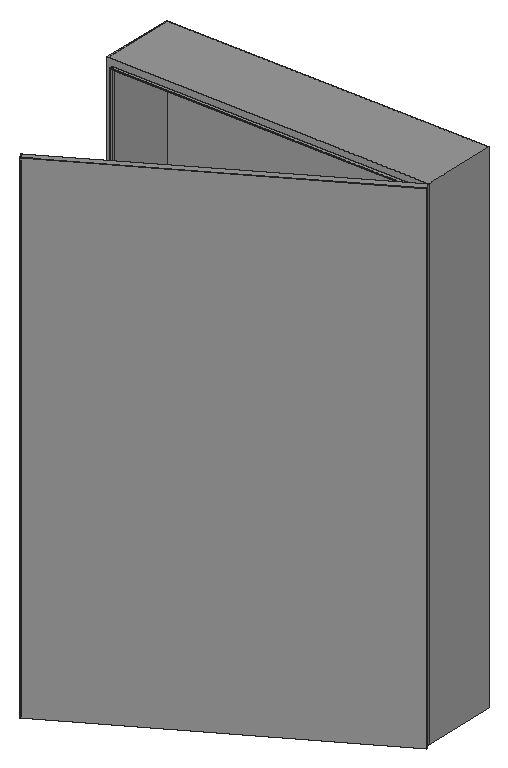
Revit family "Hager-Univers-IP44-D205-H1250-Cl.I-Encl-NoHosted-CH-fr", category Electrical Equipment, Revit 2020
Family settings
  Panel Configuration = Two Columns, Circuits Across
  Round Connector Dimension = Use Diameter
  Part Type = Panelboard
  Work Plane-Based = Yes
  Always vertical = Yes
  Cut with Voids When Loaded = No
  Shared = No
  Room Calculation Point = No
Parameters (values of type "saillie IP44 L800 H1250 P205  - FP83TN2")
  Width Control [instance] = if([EF000008 - largeur] > Min Width, [EF000008 - largeur], Min Width)  # 800 mm
  Type Comments = [HG000003 - Gamme]  # "Univers"
  Thickness Door [instance] = if([EF009171 - épaisseur de matériau de la porte/du couvercle] > 3 mm, 3 mm, [EF009171 - épaisseur de matériau de la porte/du couvercle])  # 1 mm
  Seal Frame Offset [instance] = 17 mm  # constant formula
  Plinth Visibility [instance] = [HG000027 - Hauteur du socle] > 0 mm  # no
  Min Width [instance] = 100 mm  # constant formula
  Min Depth [instance] = (2 * [EF009170 - épaisseur de matériau du boîtier]) + 1 mm  # 3 mm
  Min Height [instance] = 100 mm  # constant formula
  Internal Frame Depth [instance] = (Door System Depth * 0.5)  # 9 mm
  Panel Name [instance] = ""  # (empty or 0)
  Model = ""
  HG000027 - Hauteur du socle = 0 mm
  HG000026 - Installation au sol = no
  HG000024 - Hauteur de la section basse = 600 mm
  HG000023 - Armoire double section = no
  HG000016 - Visibilité de la porte 3D [instance] = yes
  HG000015 - Visibilité de l'emprise de la porte [instance] = no
  HG000014 - Porte à droite [instance] = yes
  HG000013 - Porte à gauche [instance] = not([HG000014 - Porte à droite])  # no
  HG000012 - Angle de pivotement de la porte [instance] = 30.00°
  HG000010 - Portes asymétriques = no
  HG000009 - Porte à double battant = no
  HG000006 - Encastré = no
  HG000004 - Référence fabricant = "FP83TN2"
  HG000003 - Gamme = "Univers"
  HG000002 - avec porte = yes
  Frame Offset Bottom [instance] = 10 mm  # constant formula
  Frame Offset [instance] = 15 mm  # constant formula
  EF015940 - couvercle avec décharge de pression = no
  EF011959 - degré de protection (NEMA) = ""
  EF009554 - nombre d'ouvertures pour plaques à bride = 6
  EF009212 - finition du couvercle = "EV000116 - fermé"
  EF009171 - épaisseur de matériau de la porte/du couvercle = 1 mm
  EF009170 - épaisseur de matériau du boîtier = 1 mm
  EF008873 - courant nominal (In) = 250 A
  EF007800 - adapté à un parafoudre = no
  EF006306 - avec serrure = no
  EF006244 - couvercle/porte transparent(e) = no
  EF005474 - indice de protection (IP) = "EV006418 - IP44"
  EF004464 - type de porte = "EV002646 - unique"
  EF004427 - nombre de modules = 288
  EF004293 - indice de protection contre les chocs (IK) = "EV006815 - IK09"
  EF003532 - convient pour utilisation à l’extérieur = no
  EF002950 - largeur en nombre de modules = 36
  EF001613 - maintien de fonction = "EV000494 - sans"
  EF001596 - matériau du boîtier/corps = "EV000179 - acier"
  EF001131 - profondeur intérieure = 130 mm
  EF001088 - possibilité de montage en saillie = yes
  EF000437 - nombre d'entrées de conduit = 6
  EF000339 - type de capot = "EV001012 - couvercle"
  EF000266 - nombre de rangées = 8
  EF000218 - profondeur d'encastrement = 205 mm
  EF000118 - avec cadre/support de montage = no
  EF000116 - numéro RAL = "9010"
  EF000049 - profondeur = 205 mm
  EF000040 - hauteur = 1250 mm
  EF000008 - largeur = 800 mm
  EF000007 - couleur = "EV000202 - blanc"
  EF000003 - mode de pose = "EV000384 - saillie"
  Door System Leaf Tolerance [instance] = 1.5 mm  # constant formula
  Door System Depth [instance] = 18 mm  # constant formula
  Door Height [instance] = Height Control - [HG000027 - Hauteur du socle]  # 1250 mm
  Description = ""
  Default Elevation = 1219.2 mm
  Connector Offset [instance] = Height Control / 2  # 625 mm
  Manufacturer = "Hager"  # constant formula
  Height Control [instance] = if([EF000040 - hauteur] > Min Height, [EF000040 - hauteur], Min Height)  # 1250 mm
  Depth Control [instance] = if([EF000049 - profondeur] > Min Depth, [EF000049 - profondeur], Min Depth)  # 205 mm
  Bottom Top Plate Trim [instance] = 1.5 mm  # constant formula
  Plinth height Ctrl [instance] = if([HG000027 - Hauteur du socle] > 0 mm, [HG000027 - Hauteur du socle], 12 mm)  # 12 mm
Types (10, lengths in mm): name | Width Control | HG000010 - Portes asymétriques | HG000009 - Porte à double battant | HG000004 - Référence fabricant | EF009554 - nombre d'ouvertures pour plaques à bride | EF004464 - type de porte | EF004427 - nombre de modules | EF002950 - largeur en nombre de modules | EF000437 - nombre d'entrées de conduit | EF000218 - profondeur d'encastrement | EF000008 - largeur
  saillie IP44 L1050 H1250 P205  - FP84QT | 1050 | no | no | "FP84QT" | 8 | "EV003602 - double" | 384 | 48 | 8 | 0 | 1050
  saillie IP44 L1050 H1250 P205  - FP84TN2 | 1050 | no | yes | "FP84TN2" | 8 | "EV003602 - double" | 384 | 48 | 8 | 205 | 1050
  saillie IP44 L1300 H1250 P205  - FP85QT | 1300 | no | no | "FP85QT" | 10 | "EV003602 - double" | 480 | 60 | 10 | 0 | 1300
  saillie IP44 L1300 H1250 P205  - FP85TN2 | 1300 | yes | yes | "FP85TN2" | 10 | "EV003602 - double" | 480 | 60 | 10 | 205 | 1300
  saillie IP44 L300 H1250 P205  - FP81QT | 300 | no | no | "FP81QT" | 2 | "EV002646 - unique" | 96 | 12 | 2 | 0 | 300
  saillie IP44 L300 H1250 P205  - FP81TN2 | 300 | no | no | "FP81TN2" | 2 | "EV002646 - unique" | 96 | 12 | 2 | 205 | 300
  saillie IP44 L550 H1250 P205  - FP82QT | 550 | no | no | "FP82QT" | 4 | "EV002646 - unique" | 192 | 24 | 4 | 0 | 550
  saillie IP44 L550 H1250 P205  - FP82TN2 | 550 | no | no | "FP82TN2" | 4 | "EV002646 - unique" | 192 | 24 | 4 | 205 | 550
  saillie IP44 L800 H1250 P205  - FP83QT | 800 | no | no | "FP83QT" | 6 | "EV002646 - unique" | 288 | 36 | 6 | 0 | 800
  saillie IP44 L800 H1250 P205  - FP83TN2 | 800 | no | no | "FP83TN2" | 6 | "EV002646 - unique" | 288 | 36 | 6 | 205 | 800
Reference planes
  plane 1 "Center (Front/Back)": y = 0
  plane 2: z = 0
  plane 3 "Center (Left/Right)": x = 0
  plane 4: y = 0
  plane 5: y = 0
  plane 6: z = 0
  plane 7: x = -400
  plane 8: x = 400
  plane 9: x = 399
  plane 10: x = -399
  plane 11: z = 0
  plane 12: z = 1
  plane 13: y = -205
  plane 14: y = -1
  plane 15: x = 0
  plane 16: y = -187
  plane 17: y = -204
  plane 18: y = -186
  plane 19: x = -384
  plane 20: x = 384
  plane 21: z = 11
  plane 22: x = -383
  plane 23: x = 383
  plane 24: z = 0
  plane 25: z = 1250
  plane 26: z = 1250
  plane 27: z = 1234
  plane 28: z = 1249
Forms (mm)
  Extrusion 1, solid, material "Hager_Steel_RAL7035_Light_Grey", detail levels medium+fine
    sketch origin (-208.679, -4572, 0) x (-1, 0, 0) y (0, -1, 0)
      loop
        line (191.321, -4385) -> (-608.679, -4385) -> (-608.679, -4572) -> (191.321, -4572) -> (191.321, -4385)
    from 0 to 1250
  Extrusion 2, void
    sketch origin (-350.771, -205, 1219.2) x (1, 0, 0) y (0, 0, 1)
      loop
        line (-48.229, 29.8) -> (-48.229, -1218.2) -> (749.771, -1218.2) -> (749.771, 29.8) -> (-48.229, 29.8)
    from -19 to -204
  Extrusion 3, void
    sketch origin (-290.084, -187, 1219.2) x (1, 0, 0) y (0, 0, 1)
      loop
        line (-93.916, -1208.2) -> (674.084, -1208.2) -> (674.084, 14.8) -> (-93.916, 14.8) -> (-93.916, -1208.2)
    from 0 to -1
  Extrusion 4, solid, material "Hager_Steel_RAL7035_Light_Grey", visible <- "Plinth Visibility", detail levels medium+fine
    sketch origin (0, 0, 0) x (1, 0, 0) y (0, 1, 0)
      loop
        line (-400, 0) -> (-400, -187) -> (400, -187) -> (400, 0) -> (-400, 0)
    from 0 to 12 <- "Plinth height Ctrl"
  Extrusion 5, solid, material "Hager_Steel_RAL7035_Light_Grey", detail levels coarse
    sketch origin (0, 0, 0) x (1, 0, 0) y (0, 1, 0)
      loop
        line (-400, 0) -> (-400, -205) -> (400, -205) -> (400, 0) -> (-400, 0)
    from 0 to 1250 <- "Height Control"
  Sweep 6, void
    path in 3D
      loop
        line (-400, -187, 12) -> (400, -187, 12) -> (400, 0, 12) -> (-400, 0, 12) -> (-400, -187, 12)
    profile origin (-400, -93.5, 12) x (1, 0, 0) y (0, 0, 1)
      loop
        line (0, 0) -> (0, -1.5) -> (1.5, -1.5)
        arc (1.5, -1.5) -> (1.061, -0.439) -> (0, 0) r 1.5
  Extrusion 7, solid, material "Hager_Steel_RAL7035_Light_Grey", detail levels fine
    sketch origin (-400, -187, 0) x (1, 0, 0) y (0, 0, 1)
      loop
        line (16, 11) -> (784, 11) -> (784, 1234) -> (16, 1234) -> (16, 11)
      loop
        line (15, 10) -> (785, 10) -> (785, 1235) -> (15, 1235) -> (15, 10)
    from 0 to 9 <- "Internal Frame Depth"
Cuts and joins
  Extrusion 2, Extrusion 3 cuts Extrusion 1
  Sweep 6 cuts Extrusion 4
Lines and regions (mm)
  Masking region 1
    outline origin (0, 0, 0) x (1, 0, 0) y (0, 1, 0)
      loop
        line (-400, 0) -> (-400, -205) -> (400, -205) -> (400, 0) -> (-400, 0)
  Masking region 2, detail levels coarse
    outline origin (-290.084, -187, 1219.2) x (-1, 0, 0) y (0, 0, 1)
      loop
        line (-690.084, -1219.2) -> (109.916, -1219.2) -> (109.916, 30.8) -> (-690.084, 30.8) -> (-690.084, -1219.2)
  Masking region 3, detail levels coarse
    outline origin (0, 0, 0) x (0, 1, 0) y (0, 0, 1)
      loop
        line (0, 0) -> (0, 1250) -> (-205, 1250) -> (-205, 0) -> (0, 0)
  Masking region 4, visible <- "Plinth Visibility", detail levels medium+fine
    outline origin (0, 0, 0) x (0, 1, 0) y (0, 0, 1)
      loop
        line (-1.5, 12) -> (-185.5, 12)
        arc (-185.5, 12) -> (-185.939, 10.939) -> (-187, 10.5) r 1.5
        line (-187, 10.5) -> (-187, 0) -> (0, 0) -> (0, 10.5)
        arc (0, 10.5) -> (-1.061, 10.939) -> (-1.5, 12) r 1.5
  Masking region 5, detail levels medium+fine
    outline origin (0, 0, 594.038) x (0, 1, 0) y (0, 0, 1)
      loop
        line (0, -594.038) -> (0, 655.962) -> (-187, 655.962) -> (-187, -594.038) -> (0, -594.038)
  Masking region 6, detail levels medium+fine
    outline origin (-359.7, -187, 1211.883) x (-1, 0, 0) y (0, 0, 1)
      loop
        line (-759.7, -1211.883) -> (40.3, -1211.883) -> (40.3, 38.117) -> (-759.7, 38.117) -> (-759.7, -1211.883)
  Masking region 7, visible <- "Plinth Visibility", detail levels medium+fine
    outline origin (-320.334, -187, 1041.368) x (-1, 0, 0) y (0, 0, 1)
      loop
        line (-720.334, -1041.368) -> (79.666, -1041.368) -> (79.666, -1030.868)
        arc (79.666, -1030.868) -> (78.606, -1030.429) -> (78.166, -1029.368) r 1.5
        line (78.166, -1029.368) -> (-718.834, -1029.368)
        arc (-718.834, -1029.368) -> (-719.273, -1030.429) -> (-720.334, -1030.868) r 1.5
        line (-720.334, -1030.868) -> (-720.334, -1041.368)
  sketch lines
    curve 1: line (-400, 0, 12) -> (-400, -187, 12)
    curve 2: line (-400, -187, 12) -> (400, -187, 12)
    curve 3: line (400, 0, 12) -> (-400, 0, 12)
    curve 4: line (400, -187, 12) -> (400, 0, 12)
Dimensions and locks
  locked: plane 1 "Center (Front/Back)" to plane 5
  "EF009170 - épaisseur de matériau du boîtier": plane 7 to plane 10
  "EF009170 - épaisseur de matériau du boîtier": plane 8 to plane 9
  equal spacing: plane 7, plane 3 "Center (Left/Right)", plane 8
  "Width Control": plane 7 to plane 8
  "Depth Control": plane 4 to plane 13
  "EF009170 - épaisseur de matériau du boîtier": plane 4 to plane 14
  "Height Control": plane 25 to level
  "HG000027 - Hauteur du socle": plane 11 to level
  "EF009170 - épaisseur de matériau du boîtier": plane 12 to plane 11
  "EF009170 - épaisseur de matériau du boîtier": plane 17 to plane 13
  "EF009170 - épaisseur de matériau du boîtier": plane 18 to plane 16
  "Frame Offset Bottom": plane 21 to plane 12
  "Frame Offset": plane 10 to plane 19
  "Frame Offset": plane 9 to plane 20
  "Door System Depth": plane 16 to plane 13
  "Seal Frame Offset": plane 7 to plane 22
  "Seal Frame Offset": plane 8 to plane 23
  "EF009170 - épaisseur de matériau du boîtier": plane 26 to plane 28
  "Frame Offset": plane 28 to plane 27
  "Connector Offset": plane 2 to connector elem
  "Bottom Top Plate Trim": profile plane to Sweep 6 sketch curve
  "Bottom Top Plate Trim": Sweep 6 sketch curve to Sweep 6 sketch curve
  "Plinth height Ctrl": Masking region 4 sketch curve to level
  "Plinth height Ctrl": Masking region 7 sketch curve to level
  "Thickness Door": Extrusion 7 sketch curve to Extrusion 7 sketch curve  (x4)
  "Bottom Top Plate Trim": radius of Sweep 6 sketch curve
  "Bottom Top Plate Trim": radius of Masking region 4 sketch curve  (x2)
  "Bottom Top Plate Trim": radius of Masking region 7 sketch curve  (x2)
  aligned and locked: Extrusion 2 sketch curve to plane 12
  aligned and locked: Extrusion 2 sketch curve to plane 9
  aligned and locked: Extrusion 2 sketch curve to plane 10
  aligned and locked: Extrusion 2 to plane 14
  aligned and locked: Extrusion 1 sketch curve to plane 4
  aligned and locked: plane 8 to Extrusion 1 sketch curve
  aligned and locked: plane 7 to Extrusion 1 sketch curve
  aligned and locked: Extrusion 2 to plane 18
  aligned and locked: Extrusion 3 sketch curve to plane 19
  aligned and locked: plane 20 to Extrusion 3 sketch curve
  aligned and locked: Extrusion 3 to Extrusion 2
  aligned and locked: Extrusion 3 sketch curve to plane 21
  aligned and locked: plane 3 "Center (Left/Right)" to nested 1
  aligned and locked: Extrusion 1 sketch curve to plane 16
  aligned and locked: Extrusion 4 sketch curve to cut or joined group of Extrusion 1, Extrusion 2, Extrusion 3
  aligned and locked: Masking region 1 sketch curve to plane 7
  aligned and locked: Masking region 1 sketch curve to plane 5
  aligned and locked: Masking region 1 sketch curve to plane 8
  aligned and locked: Masking region 2 sketch curve to level
  aligned and locked: level to Masking region 3 sketch curve
  aligned and locked: plane 1 "Center (Front/Back)" to Masking region 3 sketch curve
  aligned and locked: plane 13 to Masking region 3 sketch curve
  aligned and locked: plane 5 to Masking region 4 sketch curve
  aligned and locked: Masking region 2 sketch curve to plane 8
  aligned and locked: Masking region 2 sketch curve to plane 7
  aligned and locked: plane 7 to nested 2
  aligned and locked: nested 2 to plane 5
  aligned and locked: plane 5 to Masking region 5 sketch curve
  aligned and locked: plane 26 to Masking region 5 sketch curve
  aligned and locked: Extrusion 5 sketch curve to plane 8
  aligned and locked: Extrusion 5 sketch curve to plane 7
  aligned and locked: Extrusion 5 sketch curve to plane 5
  aligned and locked: Extrusion 3 sketch curve to plane 27
  aligned and locked: Extrusion 2 sketch curve to plane 28
  aligned and locked: Masking region 2 to plane 25
  aligned and locked: Extrusion 4 to plane 16
  aligned and locked: profile plane to Sweep 6 sketch curve
  aligned and locked: Masking region 5 sketch curve to plane 24
  aligned and locked: level to Masking region 4 sketch curve
  aligned and locked: Masking region 1 to plane 13
  aligned and locked: nested 1 to plane 16
  aligned and locked: Masking region 3 to plane 25
  aligned and locked: plane 16 to Masking region 4 sketch curve
  aligned and locked: Masking region 5 sketch curve to plane 16
  aligned and locked: plane 24 to plane 11
  aligned and locked: plane 26 to plane 25
  aligned and locked: plane 26 to cut or joined group of Extrusion 1, Extrusion 2, Extrusion 3
  aligned and locked: nested 1 to plane 24
  aligned and locked: Extrusion 1 to Extrusion 3
  aligned and locked: Masking region 6 sketch curve to plane 8
  aligned and locked: Masking region 6 sketch curve to plane 24
  aligned and locked: Masking region 6 sketch curve to plane 7
  aligned and locked: Masking region 6 sketch curve to plane 26
  aligned and locked: Masking region 7 sketch curve to plane 7
  aligned and locked: level to Masking region 7 sketch curve
  aligned and locked: Masking region 7 sketch curve to plane 8
  aligned and locked: Extrusion 7 sketch curve to cut or joined group of Extrusion 1, Extrusion 2, Extrusion 3  (x4)
Automatic sketch dimensions
  plane 19 to Extrusion 3 sketch curve = 0 mm
  Extrusion 3 sketch curve to plane 20 = 0 mm
  Extrusion 3 sketch curve to plane 21 = 0 mm
  Extrusion 4 sketch curve to plane 7 = 0 mm
  Extrusion 4 sketch curve to plane 8 = 0 mm
  Extrusion 4 sketch curve to plane 16 = 0 mm
  Masking region 1 sketch curve to plane 13 = 0 mm
  Masking region 2 sketch curve to plane 25 = 0 mm
  Masking region 3 sketch curve to plane 25 = 0 mm
  Extrusion 5 sketch curve to plane 13 = 0 mm
  profile plane to Sweep 6 sketch curve = 0 mm
Nested families
  nested 1: "EC000058_Univers_Door" at (0, -187, 0), Double <- "HG000009 - Porte à double battant", Transparent <- "EF006244 - couvercle/porte transparent(e)", Angle <- "HG000012 - Angle de pivotement de la porte", Door_Right <- "HG000014 - Porte à droite", Assymetrical <- "HG000010 - Portes asymétriques", Door <- "HG000002 - avec porte", Width_Ctrl <- "Width Control", 3d_Door <- "HG000016 - Visibilité de la porte 3D", Clearance <- "HG000015 - Visibilité de l'emprise de la porte", Door_Left <- "HG000013 - Porte à gauche", Width <- "Width Control", Door_Depth <- "Door System Depth", Leaf_Tolerance <- "Door System Leaf Tolerance", Height <- "Door Height", Lock_Visibility <- "EF006306 - avec serrure", Thickness <- "Thickness Door", type "EC000058_Univers_Door", detail levels medium+fine
    with min_wh 3 mm, Width_Ctrl 800 mm, Width 800 mm, Transparent no, Thickness 1 mm, Seal_Material Hager_Rubber, Lock_Visibility no, Lock_Material Hager_Plastic_RAL9005_Jet_Black, Leaf_Width 800 mm, Leaf_Tolerance_External_Sides 0 mm, Leaf_Tolerance 1.5 mm, Leaf_Offset 0 mm, Leaf_Height 1247 mm, Leaf_2_Width 800 mm, Leaf_2_Offset 400 mm, Leaf_1_Width 800 mm, Leaf_1_Offset 400 mm, Height_Ctrl 1250 mm, Height 1250 mm, Glass_Material Hager_Glass, Double_Clearance_Ctrl no, Double no, Door_Right_Ctrl yes, Door_Right yes, Door_Material Hager_Steel_RAL7035_Light_Grey, Door_Left_Ctrl no, Door_Left no, Door_Depth 18 mm, Door yes, Clearance_Material Hager_Clearance, Clearance_Depth 800 mm, Clearance_Ctrl no, Clearance no, Assymetrical no, Angle 30.00°, 3d_Door yes
  nested 2: "Hager_Enclosure_Symbol" at (-400, 0, 0), Height <- "Depth Control", Width <- "Width Control", type "Hager_Enclosure_Symbol"
    with Width_Ctrl 800 mm, Width 800 mm, Height_Ctrl 205 mm, Height 205 mm, A_Width_Int 13.453 mm, A_Width 161.438 mm, A_Height_Ctrl 179.375 mm, A_Height 179.375 mm
Connectors
  electrical at (0, 0, 625)
    settings: on plane 1 "Center (Front/Back)", index 1, voltage 0 V, apparent load 0 VA, apparent load phase1 0 VA, apparent load phase2 0 VA, apparent load phase3 0 VA, power factor 1, load classification "Other", number of poles 1, system type 30, power factor state 1, is connector primary yes, connector utility no, sub classification motor no, connector description ""
Definition of nested family "EC000058_Univers_Door"
  Parameters (values of type "EC000058_Univers_Door")
    min_wh [instance] = (2 * Thickness) + 1 mm  # 11 mm
    Width_Ctrl [instance] = 400 mm
    Width [instance] = 500 mm
    Transparent [instance] = yes
    Thickness [instance] = 5 mm
    Seal_Material [instance] = none
    Lock_Visibility [instance] = yes
    Lock_Material [instance] = none
    Leaf_Width [instance] = if((Width_Ctrl - 2 * Leaf_Tolerance_External_Sides) > 0 mm, (Width_Ctrl - 2 * Leaf_Tolerance_External_Sides), min_wh)  # 400 mm
    Leaf_Tolerance_External_Sides [instance] = 0 mm  # constant formula
    Leaf_Tolerance [instance] = 1.5 mm
    Leaf_Offset [instance] = 0 mm  # constant formula
    Leaf_Height [instance] = if((Height_Ctrl - 2 * Leaf_Tolerance) > 0 mm, (Height_Ctrl - 2 * Leaf_Tolerance), min_wh)  # 497 mm
    Leaf_2_Width [instance] = if(and(and(Double, Assymetrical), Door_Left), (Leaf_Width / 3) - (Leaf_Tolerance / 2), if(and(and(Double, Assymetrical), Door_Right), (Leaf_Width / 3) * 2 - (Leaf_Tolerance / 2), if(and(Double, not(Assymetrical)), (Leaf_Width / 2) - Leaf_Tolerance, Leaf_Width)))  # 400 mm
    Leaf_2_Offset [instance] = if(and(Double, Assymetrical), Leaf_2_Width / 2, if(and(Double, not(Assymetrical)), Leaf_Width / 4, Leaf_Width / 2))  # 200 mm
    Leaf_1_Width [instance] = if(and(and(Double, Assymetrical), Door_Right), (Leaf_Width / 3) - (Leaf_Tolerance / 2), if(and(and(Double, Assymetrical), Door_Left), (Width / 3) * 2 - (Leaf_Tolerance / 2), if(and(Double, not(Assymetrical)), (Leaf_Width / 2) - Leaf_Tolerance, Leaf_Width)))  # 400 mm
    Leaf_1_Offset [instance] = if(and(Double, Assymetrical), Leaf_1_Width / 2, if(and(Double, not(Assymetrical)), Leaf_Width / 4, Leaf_Width / 2))  # 200 mm
    Height_Ctrl [instance] = if(Height > min_wh, Height, min_wh)  # 500 mm
    Height [instance] = 500 mm
    Glass_Material [instance] = none
    Double_Clearance_Ctrl [instance] = and(Double, Clearance)  # no
    Double [instance] = no
    Door_Right_Ctrl [instance] = and(or(Door_Right, Double), Door)  # yes
    Door_Right [instance] = yes
    Door_Material [instance] = none
    Door_Left_Ctrl [instance] = and(or(Door_Left, Double), Door)  # no
    Door_Left [instance] = no
    Door_Depth [instance] = 30 mm
    Door [instance] = yes
    Default Elevation = 1219.2 mm
    Clearance_Material [instance] = none
    Clearance_Depth [instance] = if(Leaf_1_Width > Leaf_2_Width, Leaf_1_Width, Leaf_2_Width)  # 400 mm
    Clearance_Ctrl [instance] = and(not(Double), Clearance)  # yes
    Clearance [instance] = yes
    Assymetrical [instance] = yes
    Angle [instance] = 30.00°
    3d_Door [instance] = yes
  Reference planes
    plane 1 "Center (Front/Back)": y = 0
    plane 2 "Bottom": z = 0
    plane 3 "Center (Left/Right)": x = 0
    plane 4: z = 500
    plane 5: x = -200
    plane 6: x = 200
    plane 7: z = 500
    plane 8: x = -200
    plane 9: z = 0
    plane 10: x = 200
    plane 11: y = 0
    plane 12: z = 1.5
    plane 13: x = -600
    plane 14: y = -400
    plane 15: x = 600
    plane 16: x = 0
    plane 17: x = 0
    plane 18: x = -200
    plane 19: x = 200
    plane 20: z = 498.5
  Forms (mm)
    Extrusion 1, solid, material <- "Clearance_Material", visible <- "Double_Clearance_Ctrl"
      sketch origin (1200, 0, 0) x (1, 0, 0) y (0, 0, -1)
        loop
          line (-1800, -498.5) -> (-600, -498.5) -> (-600, 0) -> (-1800, 0) -> (-1800, -498.5)
      from 0 to -400
  Dimensions and locks
    equal spacing: plane 5, plane 3 "Center (Left/Right)", plane 6
    "Width_Ctrl": plane 5 to plane 6
    "Leaf_Offset": plane 5 to plane 8
    "Leaf_Offset": plane 6 to plane 10
    "Leaf_Offset": plane 9 to level
    "Leaf_Offset": plane 4 to plane 7
    "Height_Ctrl": plane 4 to level
    "Leaf_Tolerance": plane 12 to plane 9
    locked: plane 11 to plane 1 "Center (Front/Back)"
    "Leaf_1_Offset": plane 18 to plane 16
    "Leaf_2_Offset": plane 17 to plane 19
    "Leaf_1_Width": plane 13 to plane 8
    "Leaf_2_Width": plane 10 to plane 15
    "Clearance_Depth": plane 14 to plane 1 "Center (Front/Back)"
    "Leaf_Tolerance_External_Sides": plane 8 to plane 18
    "Leaf_Tolerance_External_Sides": plane 19 to plane 10
    "Leaf_Tolerance": plane 7 to plane 20
    aligned and locked: level to plane 2 "Bottom"
    aligned and locked: nested 1 to plane 16
    aligned and locked: nested 2 to plane 17
    aligned and locked: Extrusion 1 to plane 13
    aligned and locked: plane 15 to Extrusion 1
    aligned and locked: Extrusion 1 to plane 14
    aligned and locked: plane 12 to nested 1
    aligned and locked: nested 2 to plane 12
    aligned and locked: Extrusion 1 to plane 11
    aligned and locked: plane 20 to Extrusion 1
    aligned and locked: nested 2 to plane 11
    aligned and locked: nested 1 to plane 11
  Automatic sketch dimensions
    Extrusion 1 sketch curve to level = 0 mm
    plane 5 to Extrusion 1 sketch curve = 400 mm
    plane 6 to Extrusion 1 sketch curve = 400 mm
    Extrusion 1 sketch curve to plane 4 = 1.5 mm
  Nested families
    nested 1: "EC000058_Univers_Door_Leaf" at (0, 0, 1.5), Width <- "Leaf_1_Width", visible <- "Door_Left_Ctrl", Leaf_Height <- "Leaf_Height", Angle <- "Angle", 3d_Door <- "3d_Door", Transparent <- "Transparent", Clearance Material <- "Clearance_Material", Clearance <- "Clearance_Ctrl", Door_Material <- "Door_Material", Glass_Material <- "Glass_Material", Door_Depth <- "Door_Depth", Lock_Material <- "Lock_Material", Seal_Material <- "Seal_Material", Lock_Visibility <- "Lock_Visibility", Thickness <- "Thickness", type "EC000058_Univers_Door_Leaf"
      with Width 400 mm, Transparent_Glass_Offset 30 mm, Transparent_Ctrl yes, Transparent yes, Thickness 5 mm, Standard no, Seal_Material none, Seal_D2 8 mm, Seal_D1 1 mm, Offset_Internal_Frame 10 mm, Lock_Width 20 mm, Lock_Visibility_3d yes, Lock_Visibility yes, Lock_Thickness_3 3 mm, Lock_Thickness_2 1 mm, Lock_Thickness_1 3 mm, Lock_Radius_Offset_2 16 mm, Lock_Radius_Offset_1 15 mm, Lock_Radius_2 5 mm, Lock_Radius 6 mm, Lock_Offset 5 mm, Lock_Material none, Lock_Height 80 mm, Lock_Cover_Top_Offset_2d 17 mm, Lock_Cover_Height -65 mm, Leaf_Height 497 mm, Internal_Seal_Thickness 8 mm, Internal_Seal_Depth_2 4.5 mm, Internal_Frame_Depth 25 mm, Glass_Thickness -1 mm, Glass_Offset -2 mm, Glass_Material none, Door_Material none, Door_Depth 30 mm, Clearance Material none, Clearance yes, Angle_Ctrl 30.00°, Angle 30.00°, 3d_Door yes
    nested 2: "EC000058_Univers_Door_Leaf" at (0, 0, 1.5) x (-1, 0, 0) z (0, 0, 1), Width <- "Leaf_2_Width", visible <- "Door_Right_Ctrl", Leaf_Height <- "Leaf_Height", Angle <- "Angle", 3d_Door <- "3d_Door", Transparent <- "Transparent", Clearance Material <- "Clearance_Material", Clearance <- "Clearance_Ctrl", Door_Material <- "Door_Material", Glass_Material <- "Glass_Material", Door_Depth <- "Door_Depth", Lock_Material <- "Lock_Material", Seal_Material <- "Seal_Material", Lock_Visibility <- "Lock_Visibility", Thickness <- "Thickness", type "EC000058_Univers_Door_Leaf"
      with Width 400 mm, Transparent_Glass_Offset 30 mm, Transparent_Ctrl yes, Transparent yes, Thickness 5 mm, Standard no, Seal_Material none, Seal_D2 8 mm, Seal_D1 1 mm, Offset_Internal_Frame 10 mm, Lock_Width 20 mm, Lock_Visibility_3d yes, Lock_Visibility yes, Lock_Thickness_3 3 mm, Lock_Thickness_2 1 mm, Lock_Thickness_1 3 mm, Lock_Radius_Offset_2 16 mm, Lock_Radius_Offset_1 15 mm, Lock_Radius_2 5 mm, Lock_Radius 6 mm, Lock_Offset 5 mm, Lock_Material none, Lock_Height 80 mm, Lock_Cover_Top_Offset_2d 17 mm, Lock_Cover_Height -65 mm, Leaf_Height 497 mm, Internal_Seal_Thickness 8 mm, Internal_Seal_Depth_2 4.5 mm, Internal_Frame_Depth 25 mm, Glass_Thickness -1 mm, Glass_Offset -2 mm, Glass_Material none, Door_Material none, Door_Depth 30 mm, Clearance Material none, Clearance yes, Angle_Ctrl 30.00°, Angle 30.00°, 3d_Door yes
  Definition of nested family "EC000058_Univers_Door_Leaf"
    Parameters (values of type "EC000058_Univers_Door_Leaf")
      Width [instance] = 2000 mm
      Transparent_Glass_Offset [instance] = 30 mm
      Transparent_Ctrl [instance] = and(Transparent, [3d_Door])  # yes
      Transparent [instance] = yes
      Thickness [instance] = 5 mm
      Standard [instance] = and(not(Transparent), [3d_Door])  # no
      Seal_Material [instance] = none
      Seal_D2 [instance] = 8 mm  # constant formula
      Seal_D1 [instance] = 1 mm  # constant formula
      Offset_Internal_Frame [instance] = 10 mm  # constant formula
      Lock_Width [instance] = 20 mm  # constant formula
      Lock_Visibility_3d [instance] = and(Lock_Visibility, [3d_Door])  # yes
      Lock_Visibility [instance] = yes
      Lock_Thickness_3 [instance] = 3 mm  # constant formula
      Lock_Thickness_2 [instance] = 1 mm  # constant formula
      Lock_Thickness_1 [instance] = 3 mm  # constant formula
      Lock_Radius_Offset_2 [instance] = Lock_Radius_Offset_1 + 1 mm  # 16 mm
      Lock_Radius_Offset_1 [instance] = 15 mm  # constant formula
      Lock_Radius_2 [instance] = Lock_Radius - 1 mm  # 5 mm
      Lock_Radius [instance] = 6 mm  # constant formula
      Lock_Offset [instance] = 5 mm  # constant formula
      Lock_Material [instance] = none
      Lock_Height [instance] = 80 mm  # constant formula
      Lock_Cover_Top_Offset_2d [instance] = Lock_Radius_Offset_2 + 1 mm  # 17 mm
      Lock_Cover_Height [instance] = -(Lock_Height - Lock_Radius_Offset_1)  # -65 mm
      Leaf_Height [instance] = 2720.336 mm
      Internal_Seal_Thickness [instance] = 8 mm  # constant formula
      Internal_Seal_Depth_2 [instance] = 4.5 mm  # constant formula
      Internal_Frame_Depth [instance] = if(Door_Depth - Thickness > 5 mm, Door_Depth - Thickness, 5 mm)  # 25 mm
      Glass_Thickness [instance] = if(Thickness > 15 mm, Glass_Offset + 10 mm, -1 mm)  # -1 mm
      Glass_Offset [instance] = if(Thickness > 15 mm, -(Thickness + 10 mm) / 2, -2 mm)  # -2 mm
      Glass_Material [instance] = none
      Door_Material [instance] = none
      Door_Depth [instance] = 30 mm
      Default Elevation = 0 mm
      Clearance Material [instance] = none
      Clearance [instance] = yes
      Angle_Ctrl [instance] = if(Angle > 180.00°, 180.00°, Angle)  # 90.00°
      Angle [instance] = 90.00°
      3d_Door [instance] = yes
    Reference planes
      plane 1 "Center (Front/Back)": y = 0
      plane 2: z = 0
      plane 3 "Center (Left/Right)": x = 0
      plane 4: y = 2000
      plane 5: x = -1000
      plane 6: x = 1000
      plane 7: x = -3000
      plane 8: z = 2720.336
      plane 9: z = 30
      plane 10: z = 2690.336
      plane 11: x = 970
      plane 12: x = -970
      plane 13: y = -3
      plane 14: z = 107.833
      plane 15: y = -5
      plane 16: y = -223.314
      plane 17: x = -1000
      plane 18: z = 1360.168
      plane 19: y = 30
    Forms (mm)
      Extrusion 1, solid, material <- "Clearance Material", visible <- "Clearance"
        sketch origin (0, 0, 0) x (1, 0, 0) y (0, 0, 1)
          loop
            line (-3000, 2720.336) -> (-3000, 0) -> (1000, 0) -> (1000, 2720.336) -> (-3000, 2720.336)
        from 0 to -2000
      Extrusion 2, solid, material <- "Door_Material", visible <- "Standard", detail levels medium+fine
        sketch origin (-1000, 0, 0) x (0, 1, 0) y (-1, 0, 0)
          loop
            line (0, 30) -> (0, 25) -> (2000, 25) -> (2000, 30) -> (0, 30)
        from 0 to 2720.336 <- "Leaf_Height"
      Extrusion 3, solid, material <- "Door_Material", visible <- "Transparent_Ctrl", detail levels medium+fine
        sketch origin (-1000, 0, 0) x (0, 1, 0) y (-1, 0, 0)
          loop
            line (0, 25) -> (2000, 25) -> (2000, 30) -> (0, 30) -> (0, 25)
        from 0 to 2720.336 <- "Leaf_Height"
      Extrusion 4, void
        sketch origin (-1025, 2000, 0) x (0, 1, 0) y (0, 0, -1)
          loop
            line (-30, -2690.336) -> (-30, -30) -> (-1970, -30) -> (-1970, -2690.336) -> (-30, -2690.336)
        from 0 to 5 <- "Thickness"
      Sweep 5, solid, material <- "Seal_Material", visible <- "Transparent_Ctrl", detail levels fine
        path in 3D
          loop
            line (-1025, 30, 30) -> (-1025, 30, 2690.336) -> (-1025, 1970, 2690.336) -> (-1025, 1970, 30) -> (-1025, 30, 30)
        profile origin (-1025, 1000, 30) x (1, 0, 0) y (0, 0, 1)
          loop
            line (0, 0) -> (0, -8) -> (1, -8) -> (1, 0) -> (0, 0)
      Extrusion 6, solid, material <- "Glass_Material", visible <- "Transparent_Ctrl", detail levels medium+fine
        sketch origin (-1030, 0, 0) x (0, 1, 0) y (0, 0, -1)
          loop
            line (1970, -2690.336) -> (1970, -30) -> (30, -30) -> (30, -2690.336) -> (1970, -2690.336)
        from -2 <- "Glass_Offset" to -1 <- "Glass_Thickness"
      Extrusion 7, solid, material <- "Door_Material", visible <- "3d_Door", detail levels medium+fine
        sketch origin (-1025, 2000, 0) x (0, -1, 0) y (0, 0, -1)
          loop
            line (0, -2720.336) -> (2000, -2720.336) -> (2000, 0) -> (0, 0) -> (0, -2720.336)
          loop
            line (1995, -5) -> (5, -5) -> (5, -2715.336) -> (1995, -2715.336) -> (1995, -5)
        from 0 to 25 <- "Internal_Frame_Depth"
      Sweep 8, solid, material <- "Seal_Material", visible <- "Transparent_Ctrl", detail levels fine
        path in 3D
          loop
            line (-1025, 0, 0) -> (-1025, 2000, 0) -> (-1025, 2000, 2720.336) -> (-1025, 0, 2720.336) -> (-1025, 0, 0)
        profile origin (-1025, 0, 1360.168) x (1, 0, 0) y (0, 1, 0)
          loop
            line (0, 10) -> (2.975, 10)
            arc (2.975, 10) -> (4.053, 10.447) -> (4.5, 11.525) r 1.525
            line (4.5, 11.525) -> (4.5, 16.527)
            arc (4.5, 16.527) -> (4.069, 17.569) -> (3.027, 18) r 1.473
            line (3.027, 18) -> (0, 18) -> (0, 10)
      Extrusion 9, solid, material <- "Lock_Material", visible <- "Lock_Visibility_3d", detail levels fine
        sketch origin (-1030, 0, 0) x (0, 1, 0) y (0, 0, -1)
          loop
            arc (1993.5, -1400.168) -> (1994.561, -1399.729) -> (1995, -1398.668) r 1.5
            line (1995, -1398.668) -> (1995, -1320.168) -> (1975, -1320.168) -> (1975, -1398.668)
            arc (1975, -1398.668) -> (1975.439, -1399.729) -> (1976.5, -1400.168) r 1.5
            line (1976.5, -1400.168) -> (1993.5, -1400.168)
        from 3 <- "Lock_Thickness_1" to 0
      Blend 10, solid, material <- "Lock_Material", visible <- "Lock_Visibility_3d", detail levels fine
        base sketch origin (-1033, 0, 0) x (0, 1, 0) y (0, 0, -1)
          loop
            line (1975, -1320.168) -> (1975, -1398.668)
            arc (1975, -1398.668) -> (1975.439, -1399.729) -> (1976.5, -1400.168) r 1.5
            line (1976.5, -1400.168) -> (1993.5, -1400.168)
            arc (1993.5, -1400.168) -> (1994.561, -1399.729) -> (1995, -1398.668) r 1.5
            line (1995, -1398.668) -> (1995, -1320.168) -> (1975, -1320.168)
        top sketch origin (-1033, 0, 0) x (0, 1, 0) y (0, 0, -1)
          loop
            line (1976, -1320.168) -> (1976, -1398.668)
            arc (1976, -1398.668) -> (1976.146, -1399.022) -> (1976.5, -1399.168) r 0.5
            line (1976.5, -1399.168) -> (1993.5, -1399.168)
            arc (1993.5, -1399.168) -> (1993.854, -1399.022) -> (1994, -1398.668) r 0.5
            line (1994, -1398.668) -> (1994, -1320.168) -> (1976, -1320.168)
        from 0 to 1 <- "Lock_Thickness_2"
      Blend 11, solid, material <- "Lock_Material", visible <- "Lock_Visibility_3d", detail levels fine
        base sketch origin (-1034, 0, 0) x (0, 1, 0) y (0, 0, -1)
          loop
            line (1978, -1320.168) -> (1978, -1384.168)
            arc (1978, -1384.168) -> (1985, -1391.168) -> (1992, -1384.168) r 7
            line (1992, -1384.168) -> (1992, -1320.168) -> (1978, -1320.168)
        top sketch origin (-1034, 0, 0) x (0, 1, 0) y (0, 0, -1)
          loop
            line (1991, -1320.168) -> (1979, -1320.168) -> (1979, -1383.168)
            arc (1979, -1383.168) -> (1985, -1389.168) -> (1991, -1383.168) r 6
            line (1991, -1383.168) -> (1991, -1320.168)
        from 0 to 3 <- "Lock_Thickness_3"
      Extrusion 12, solid, material <- "Lock_Material", visible <- "Lock_Visibility_3d", detail levels fine
        sketch origin (-1030, 1975, 1320.168) x (1, 0, 0) y (0, -1, 0)
          loop
            line (-7, -19) -> (-7, -1) -> (0, -1) -> (0, 0) -> (-8, 0) -> (-8, -20) -> (0, -20) -> (0, -19) -> (-7, -19)
        from 0 to -65 <- "Lock_Cover_Height"
      Extrusion 13, void
        sketch origin (-1038, 1995, 1320.168) x (-1, 0, 0) y (0, 0, -1)
          loop
            line (-5, -65) -> (0, -65) -> (-5, -60) -> (-5, -65)
        from 0 to 20 <- "Lock_Width"
      Extrusion 14, void
        sketch origin (-1038, 1975, 1320.168) x (0, -1, 0) y (0, 0, -1)
          loop
            circle (-10, -15.995) r 6
          loop
            circle (-10, -15.995) r 5
        from 0 to 2
      Extrusion 15, solid, material <- "Lock_Material", visible <- "Lock_Visibility_3d", detail levels medium
        sketch origin (-1030, 0, 0) x (0, 1, 0) y (0, 0, -1)
          loop
            arc (1993.5, -1400.168) -> (1994.561, -1399.729) -> (1995, -1398.668) r 1.5
            line (1995, -1398.668) -> (1995, -1320.168) -> (1975, -1320.168) -> (1975, -1398.668)
            arc (1975, -1398.668) -> (1975.439, -1399.729) -> (1976.5, -1400.168) r 1.5
            line (1976.5, -1400.168) -> (1993.5, -1400.168)
        from 8 to 0
    Cuts and joins
      Extrusion 4 cuts Extrusion 3
      Extrusion 13, Extrusion 14 cuts Extrusion 9
      Extrusion 14 cuts Blend 11
      Extrusion 13, Extrusion 14 cuts Extrusion 12
      joined: Extrusion 9, Blend 10, Blend 11, Extrusion 12
      Extrusion 14 cuts Extrusion 15
    Lines and regions (mm)
      Masking region 1, visible <- "Lock_Visibility", detail levels fine
        outline origin (0, 0, 0) x (0, 1, 0) y (0, 0, 1)
          loop
            line (30, 1320.168) -> (33, 1320.168) -> (33, 1400.168) -> (30, 1400.168) -> (30, 1320.168)
      Masking region 2, visible <- "Lock_Visibility", detail levels fine
        outline origin (0, 3.143, 0) x (0, 1, 0) y (0, 0, 1)
          loop
            line (29.857, 1354.168) -> (30.857, 1354.168) -> (30.857, 1366.168) -> (29.857, 1366.168) -> (29.857, 1354.168)
      Masking region 3, detail levels medium+fine
        outline origin (0, 0, 0) x (0, 1, 0) y (0, 0, 1)
          loop
            line (0, 0) -> (30, 0) -> (30, 2720.336) -> (0, 2720.336) -> (0, 0)
      Masking region 4, detail levels medium+fine
        outline origin (0, 0, 0) x (1, 0, 0) y (0, 0, 1)
          loop
            line (-1000, 2720.336) -> (-1000, 0) -> (1000, 0) -> (1000, 2720.336) -> (-1000, 2720.336)
      Masking region 5, visible <- "Lock_Visibility", detail levels fine
        outline origin (-47.116, 0, 0) x (1, 0, 0) y (0, 0, 1)
          loop
            arc (1024.616, 1399.168) -> (1023.556, 1398.729) -> (1023.116, 1397.668) r 1.5
            line (1023.116, 1397.668) -> (1023.116, 1320.168) -> (1041.116, 1320.168) -> (1041.116, 1397.668)
            arc (1041.116, 1397.668) -> (1040.677, 1398.729) -> (1039.616, 1399.168) r 1.5
            line (1039.616, 1399.168) -> (1024.616, 1399.168)
      Masking region 6, visible <- "Lock_Visibility", detail levels medium+fine
        outline origin (-25, 0, 0) x (1, 0, 0) y (0, 0, 1)
          loop
            arc (1001.5, 1400.168) -> (1000.439, 1399.729) -> (1000, 1398.668) r 1.5
            line (1000, 1398.668) -> (1000, 1320.168) -> (1020, 1320.168) -> (1020, 1398.668)
            arc (1020, 1398.668) -> (1019.561, 1399.729) -> (1018.5, 1400.168) r 1.5
            line (1018.5, 1400.168) -> (1001.5, 1400.168)
      Masking region 7, visible <- "Lock_Visibility", detail levels fine
        outline origin (-73.735, 0, 0) x (1, 0, 0) y (0, 0, 1)
          loop
            line (1051.735, 1382.168) -> (1065.735, 1382.168) -> (1065.735, 1384.168)
            arc (1065.735, 1384.168) -> (1058.735, 1391.168) -> (1051.735, 1384.168) r 7
            line (1051.735, 1384.168) -> (1051.735, 1382.168)
      Masking region 8, visible <- "Lock_Visibility", detail levels fine
        outline origin (-73.735, 0, 0) x (1, 0, 0) y (0, 0, 1)
          loop
            line (1052.735, 1382.168) -> (1064.735, 1382.168) -> (1064.735, 1383.168)
            arc (1064.735, 1383.168) -> (1058.735, 1389.168) -> (1052.735, 1383.168) r 6
            line (1052.735, 1383.168) -> (1052.735, 1382.168)
      Masking region 9, visible <- "Lock_Visibility", detail levels fine
        outline origin (-25, 0, 0) x (1, 0, 0) y (0, 0, 1)
          loop
            line (1020, 1320.168) -> (1020, 1382.168) -> (1000, 1382.168) -> (1000, 1320.168) -> (1020, 1320.168)
      Masking region 10, detail levels medium+fine
        outline origin (0, 0, 0) x (1, 0, 0) y (0, 0, 1)
          loop
            circle (985, 1335.144) r 6
      Masking region 11, detail levels fine
        outline origin (0, 0, 0) x (1, 0, 0) y (0, 0, 1)
          loop
            circle (985, 1335.144) r 5
      Masking region 12, visible <- "Lock_Visibility", detail levels fine
        outline origin (0, 12.767, 0) x (0, 1, 0) y (0, 0, 1)
          loop
            line (20.233, 1320.168) -> (21.233, 1320.168) -> (21.233, 1399.168) -> (20.233, 1400.168) -> (20.233, 1320.168)
      Masking region 13, visible <- "Lock_Visibility", detail levels fine
        outline origin (0, 13.767, -10) x (0, 1, 0) y (0, 0, 1)
          loop
            line (20.233, 1330.168) -> (23.233, 1330.168) -> (23.233, 1399.168) -> (20.233, 1402.168) -> (20.233, 1330.168)
      Masking region 14, visible <- "Lock_Visibility", detail levels fine
        outline origin (0, 12.767, -10) x (0, 1, 0) y (0, 0, 1)
          loop
            line (20.233, 1330.168) -> (25.233, 1330.168) -> (25.233, 1399.305) -> (20.233, 1394.305) -> (20.233, 1330.168)
      Masking region 15, visible <- "Lock_Visibility", detail levels medium
        outline origin (0, 0, 0) x (0, 1, 0) y (0, 0, 1)
          loop
            line (30, 1320.168) -> (38, 1320.168) -> (38, 1400.168) -> (30, 1400.168) -> (30, 1320.168)
      Masking region 16, visible <- "Lock_Visibility", detail levels fine
        outline origin (-1000, 0, 0) x (0, 1, 0) y (-1, 0, 0)
          loop
            line (1975, 30) -> (1995, 30) -> (1995, 38) -> (1975, 38) -> (1975, 30)
          loop
            line (1979, 37) -> (1976, 37) -> (1976, 34) -> (1978, 34) -> (1979, 37)
          loop
            line (1994, 37) -> (1991, 37) -> (1992, 34) -> (1994, 34) -> (1994, 37)
      Masking region 17, visible <- "Lock_Visibility", detail levels medium
        outline origin (-1000, 0, 0) x (0, 1, 0) y (-1, 0, 0)
          loop
            line (1975, 30) -> (1995, 30) -> (1995, 38) -> (1975, 38) -> (1975, 30)
      symbolic lines
        curve 1: line (1000, 0, 0) -> (-3000, 0, 0)
        curve 2: arc (1000, 0, 0) -> (-1000, 2000, 0) -> (-3000, 0, 0) r 2000
        curve 4: line (-1030, 0, 0) -> (-1030, 2000, 0)
      reference lines
        curve 3: line (-1000, 0, 0) -> (-1000, 2000, 0)
      symbolic lines, detail levels medium+fine
        curve 5: line (-1030, 2000, 0) -> (-1025, 2000, 0)
        curve 7: line (-1025, 0, 0) -> (-1030, 0, 0)
        curve 8: line (-1025, 0, 0) -> (-1000, 0, 0)
        curve 9: line (-1000, 0, 0) -> (-1000, 2000, 0)
        curve 10: line (-1000, 2000, 0) -> (-1025, 2000, 0)
      symbolic lines, detail levels fine
        curve 6: line (-1025, 2000, 0) -> (-1025, 0, 0)
      sketch lines
        curve 11: line (-1025, 0, 2720.336) -> (-1025, 0, 0)
        curve 12: line (-1025, 2000, 0) -> (-1025, 0, 0)
        curve 13: line (-1025, 2000, 2720.336) -> (-1025, 2000, 0)
        curve 14: line (-1025, 0, 2720.336) -> (-1025, 2000, 2720.336)
        curve 15: line (-1025, 1970, 30) -> (-1025, 30, 30)
        curve 16: line (-1025, 30, 30) -> (-1025, 30, 2690.336)
        curve 17: line (-1025, 1970, 2690.336) -> (-1025, 1970, 30)
        curve 18: line (-1025, 30, 2690.336) -> (-1025, 1970, 2690.336)
      symbolic lines, visible <- "Transparent", detail levels medium+fine
        curve 19: line (-970, 0, 2690.336) -> (970, 0, 2690.336)
        curve 20: line (-970, 0, 30) -> (-970, 0, 2690.336)
        curve 21: line (970, 0, 30) -> (-970, 0, 30)
        curve 22: line (970, 0, 2690.336) -> (970, 0, 30)
    Dimensions and locks
      "Width": plane 1 "Center (Front/Back)" to plane 4
      equal spacing: plane 5, plane 3 "Center (Left/Right)", plane 6
      "Width": plane 5 to plane 6
      "Width": plane 7 to plane 5
      "Leaf_Height": plane 8 to level
      "Width": curve 5 to curve 3
      "Width": curve 3 to curve 3
      plane 8 to plane 10 = 30 mm
      plane 9 to level = 30 mm
      plane 12 to plane 5 = 30 mm
      plane 6 to plane 11 = 30 mm
      Extrusion 1 to Extrusion 4 sketch curve = 30 mm
      "Transparent_Glass_Offset": curve 3 to Extrusion 4 sketch curve
      "Transparent_Glass_Offset": Extrusion 4 sketch curve to cut or joined group of Extrusion 3, Extrusion 4  (x2)
      cut or joined group of Extrusion 3, Extrusion 4 to Extrusion 6 sketch curve = 30 mm
      "Transparent_Glass_Offset": cut or joined group of Extrusion 3, Extrusion 4 to Extrusion 4 sketch curve
      "Thickness": curve 6 to curve 4
      "Thickness": Extrusion 7 sketch curve to Extrusion 7 sketch curve  (x4)
      "Door_Depth": curve 4 to curve 3
      "Offset_Internal_Frame": profile plane to Sweep 8 sketch curve
      "Internal_Seal_Thickness": Sweep 8 sketch curve to Sweep 8 sketch curve
      "Internal_Seal_Depth_2": profile plane to Sweep 8 sketch curve
      "Seal_D1": profile plane to Sweep 5 sketch curve
      "Seal_D2": profile plane to Sweep 5 sketch curve
      "Thickness": Extrusion 2 sketch curve to Extrusion 2 sketch curve
      equal spacing: Extrusion 9 sketch curve, plane 18, Extrusion 9 sketch curve  (x2)
      equal spacing: Masking region 1 sketch curve, plane 18, Masking region 1 sketch curve
      "Lock_Height": Masking region 1 sketch curve to Masking region 1 sketch curve
      "Lock_Radius": Masking region 2 sketch curve to plane 18 to Masking region 2 sketch curve
      Masking region 2 sketch curve to Masking region 1 = 1 mm
      "Door_Depth": plane 19 to plane 1 "Center (Front/Back)"
      "Lock_Thickness_1": Masking region 1 sketch curve to plane 19
      "Lock_Width": Extrusion 9 sketch curve to Extrusion 9 sketch curve
      "Lock_Height": Extrusion 9 sketch curve to Extrusion 9 sketch curve
      "Lock_Offset": cut or joined group of Extrusion 3, Extrusion 4 to Extrusion 9 sketch curve
      equal spacing: plane 8, plane 18, level
      "Lock_Radius_Offset_1": Blend 11 sketch curve to Blend 10
      locked: Blend 10 to Blend 11 sketch curve at 2  (x2)
      locked: var sketch to Blend 11 sketch curve at 1  (x2)
      "Lock_Radius_Offset_2": Blend 11 sketch curve to Blend 10
      locked: Extrusion 12 sketch curve to Extrusion 12 sketch curve at 1  (x3)
      Masking region 6 sketch curve to Masking region 6 sketch curve = 80 mm
      "Lock_Height": Masking region 6 sketch curve to Masking region 6 sketch curve
      "Lock_Width": Masking region 6 sketch curve to Masking region 6 sketch curve
      locked: Masking region 6 to Masking region 5 sketch curve at 1  (x3)
      locked: Masking region 5 to Masking region 7 sketch curve at 2  (x2)
      "Lock_Radius_Offset_1": Masking region 5 to Masking region 7 sketch curve
      "Lock_Radius_Offset_2": Masking region 5 to Masking region 8 sketch curve
      locked: Masking region 7 to Masking region 8 sketch curve at 1  (x2)
      "Lock_Cover_Top_Offset_2d": Masking region 5 to Masking region 9 sketch curve
      equal spacing: Masking region 9, Masking region 10 sketch curve, Masking region 9
      equal spacing: Masking region 9, Masking region 11 sketch curve, Masking region 9
      Extrusion 15 sketch curve to Extrusion 15 sketch curve = 80 mm
      "Lock_Width": Extrusion 15 sketch curve to Extrusion 15 sketch curve
      "Lock_Height": Extrusion 15 sketch curve to Extrusion 15 sketch curve
      equal spacing: Extrusion 15 sketch curve, plane 18, Extrusion 15 sketch curve
      "Lock_Thickness_3": Masking region 13 sketch curve to Masking region 13 sketch curve
      "Lock_Height": Masking region 12 sketch curve to Masking region 12 sketch curve
      locked: Masking region 13 sketch curve to Masking region 1 at 8
      locked: Masking region 14 sketch curve to Masking region 13 at 1
      locked: Masking region 14 sketch curve to Masking region 1 at 10.863
      "Lock_Height": Masking region 15 sketch curve to Masking region 15 sketch curve
      "Lock_Offset": Extrusion 15 sketch curve to cut or joined group of Extrusion 3, Extrusion 4
      "Lock_Offset": plane 6 to Masking region 6 sketch curve
      radius of Sweep 8 sketch curve = 1.525 mm
      radius of Sweep 8 sketch curve = 1.473 mm
      radius of Extrusion 9 sketch curve = 1.5 mm  (x2)
      "Lock_Radius": radius of Extrusion 14 sketch curve
      "Lock_Radius_2": radius of Extrusion 14 sketch curve
      "Lock_Radius": radius of Masking region 10 sketch curve
      "Lock_Radius_2": radius of Masking region 11 sketch curve
      radius of Extrusion 15 sketch curve = 1.5 mm  (x2)
      "Angle_Ctrl": angle plane 1 "Center (Front/Back)" to curve 3
      locked: Masking region 12 sketch curve to Masking region 12 sketch curve (angle 45.00°)
      locked: Masking region 13 sketch curve to Masking region 13 sketch curve (angle 45.00°)
      locked: Masking region 14 sketch curve to Masking region 14 sketch curve (angle 45.00°)
      aligned and locked: level to plane 2
      aligned and locked: Extrusion 1 to curve 1
      aligned and locked: plane 6 to Extrusion 1
      aligned and locked: Extrusion 1 to plane 1 "Center (Front/Back)"
      aligned and locked: plane 4 to Extrusion 1
      aligned and locked: plane 8 to Extrusion 1
      aligned and locked: curve 7 to Extrusion 2 sketch curve
      aligned and locked: curve 5 to Extrusion 2 sketch curve
      aligned and locked: curve 7 to Extrusion 3 sketch curve
      aligned and locked: Extrusion 3 sketch curve to curve 4
      aligned and locked: Extrusion 3 sketch curve to curve 6
      aligned and locked: Extrusion 3 sketch curve to curve 5
      aligned and locked: curve 9 to curve 3
      aligned and locked: Extrusion 7 sketch curve to cut or joined group of Extrusion 3, Extrusion 4  (x4)
      aligned and locked: plane 17 to curve 3
      aligned and locked: plane 1 "Center (Front/Back)" to curve 3
      aligned and locked: plane 17 to plane 5
      aligned and locked: Sweep 8 sketch curve to profile plane
      aligned and locked: Sweep 5 sketch curve to profile plane  (x2)
      aligned and locked: Masking region 1 to Masking region 2 sketch curve
      aligned and locked: plane 19 to Masking region 1 sketch curve
      aligned and locked: plane 1 "Center (Front/Back)" to Masking region 3 sketch curve
      aligned and locked: plane 19 to Masking region 3 sketch curve
      aligned and locked: level to Masking region 3 sketch curve
      aligned and locked: Masking region 3 sketch curve to plane 8
      aligned and locked: plane 17 to Masking region 4 sketch curve
      aligned and locked: level to Masking region 4 sketch curve
      aligned and locked: Masking region 4 sketch curve to plane 8
      aligned and locked: plane 12 to curve 20
      aligned and locked: plane 10 to curve 19
      aligned and locked: plane 11 to curve 22
      aligned and locked: curve 21 to plane 9
      aligned and locked: Extrusion 2 sketch curve to cut or joined group of Extrusion 3, Extrusion 4
      aligned and locked: Blend 10 sketch curve to Extrusion 9  (x4)
      aligned and locked: Extrusion 9 to Blend 10 sketch curve
      aligned and locked: Blend 10 to Blend 11 sketch curve
      aligned and locked: Extrusion 12 sketch curve to Blend 11
      aligned and locked: Extrusion 12 sketch curve to Extrusion 9  (x4)
      aligned and locked: Masking region 5 sketch curve to Masking region 6
      aligned and locked: Masking region 9 sketch curve to Masking region 6  (x3)
      aligned and locked: Masking region 12 sketch curve to Masking region 1
      aligned and locked: Masking region 13 sketch curve to Masking region 1
      aligned and locked: Masking region 12 to Masking region 14
      aligned and locked: Masking region 14 sketch curve to Masking region 1
      aligned and locked: Masking region 15 sketch curve to Masking region 14
      aligned and locked: Masking region 13 sketch curve to Masking region 12
      aligned and locked: Masking region 16 sketch curve to cut or joined group of Extrusion 14, Extrusion 15  (x4)
      aligned and locked: Masking region 16 sketch curve to cut or joined group of Extrusion 9, Blend 10, Blend 11, Extrusion 12, Extrusion 13, Extrusion 14  (x6)
      aligned and locked: cut or joined group of Extrusion 9, Blend 10, Blend 11, Extrusion 12, Extrusion 13, Extrusion 14 to Masking region 16 sketch curve
      aligned and locked: Masking region 17 sketch curve to cut or joined group of Extrusion 14, Extrusion 15  (x3)
      aligned and locked: Masking region 17 sketch curve to cut or joined group of Extrusion 9, Blend 10, Blend 11, Extrusion 12, Extrusion 13, Extrusion 14
      aligned and locked: Masking region 9 to Masking region 8 sketch curve
      aligned and locked: Masking region 9 to Masking region 7 sketch curve
    Automatic sketch dimensions
      plane 1 "Center (Front/Back)" to curve 2 = 0 mm
      curve 2 to plane 5 = 0 mm
      Extrusion 1 sketch curve to level = 0 mm
      Extrusion 1 sketch curve to plane 7 = 0 mm
      Extrusion 1 sketch curve to plane 6 = 0 mm
      Extrusion 1 sketch curve to plane 8 = 0 mm
      Extrusion 3 to Extrusion 6 sketch curve = 30 mm  (x4)
      Masking region 4 sketch curve to plane 6 = 0 mm
      Blend 10 sketch curve to Extrusion 9 = 1.5 mm
      Blend 10 sketch curve to Extrusion 9 = 1 mm
      Extrusion 13 sketch curve to Extrusion 12 = 0 mm  (x2)
      Extrusion 12 to Extrusion 13 sketch curve = 3 mm
      Extrusion 13 sketch curve to Extrusion 12 = 5 mm
      Extrusion 14 sketch curve to Extrusion 14 sketch curve = 0 mm  (x2)
      Extrusion 14 sketch curve to Extrusion 12 = 10 mm
      Extrusion 14 sketch curve to Extrusion 12 = 15.995 mm
      Masking region 5 sketch curve to Masking region 5 sketch curve = 1.5 mm  (x2)
      Masking region 10 sketch curve to plane 18 = 25.024 mm
      Masking region 11 sketch curve to plane 18 = 25.024 mm
      plane 19 to Masking region 14 sketch curve = 3 mm
      Masking region 16 sketch curve to Masking region 16 sketch curve = 3 mm
      curve 4 to curve 3 = 0 mm
      Blend 10 to Blend 11 sketch curve = 0 mm
      Masking region 6 sketch curve to Masking region 6 sketch curve = 1.5 mm  (x2)
      Masking region 6 sketch curve to plane 18 = 40 mm
      plane 19 to Masking region 12 sketch curve = 3 mm
      Masking region 12 sketch curve to Masking region 12 sketch curve = 1 mm
      Masking region 15 sketch curve to plane 19 = 0 mm
      Masking region 15 sketch curve to plane 18 = 40 mm
      radius of Blend 10 sketch curve to Extrusion 9 = 1 mm
Definition of nested family "Hager_Enclosure_Symbol"
  Parameters (values of type "Hager_Enclosure_Symbol")
    Width_Ctrl [instance] = if(Width > 1 mm, Width, 1 mm)  # 102.27 mm
    Width [instance] = 102.27 mm
    Height_Ctrl [instance] = if(Height > 1 mm, Height, 1 mm)  # 66.5 mm
    A_Width_Int [instance] = if(A_Width / 12 > 2 mm, A_Width / 12, 2 mm)  # 4.364 mm
    A_Width [instance] = if(A_Height_Ctrl * 0.9 > 2 mm, A_Height_Ctrl * 0.9, 2 mm)  # 52.369 mm
    A_Height_Ctrl [instance] = if(A_Height > 2 mm, A_Height, 2 mm)  # 58.188 mm
    Height [instance] = 66.5 mm
    A_Height [instance] = Height - (Height / 8)  # 58.188 mm
  Reference planes
    plane 1 "Centre (avant/arrière)": y = 0
    plane 2: z = 0
    plane 3 "Centre (gauche/droite)": x = 0
    plane 4: x = 52.369
    plane 5: y = 33.042
    plane 6: y = 41.77
    plane 7: y = 66.5
    plane 8: x = 26.184
    plane 9: y = 37.406
    plane 10: x = 102.27
    plane 11: y = 66.5
    plane 12: y = 8.313
  Lines and regions (mm)
    Filled region 1, type "Solid_Black", in view "Niveau de réf."
      outline origin (0, 0, 0) x (1, 0, 0) y (0, 1, 0)
        loop
          line (52.369, 66.5) -> (33.188, 54.536) -> (45.365, 45.006) -> (52.369, 66.5)
    Filled region 2, type "Solid_Black", in view "Niveau de réf."
      outline origin (0, 0, 0) x (1, 0, 0) y (0, 1, 0)
        loop
          line (0, 0) -> (102.27, 0) -> (102.27, 66.5) -> (0, 0)
    detail lines, in view "Niveau de réf."
      curve 1: line (0, 8.313, 0) -> (26.184, 41.77, 0)
      curve 2: line (26.184, 41.77, 0) -> (26.184, 33.042, 0)
      curve 3: line (26.184, 33.042, 0) -> (52.369, 66.5, 0)
  Dimensions and locks
    "A_Width": plane 3 "Centre (gauche/droite)" to plane 4
    equal spacing: plane 3 "Centre (gauche/droite)", plane 8, plane 4
    equal spacing: plane 6, plane 9, plane 5
    equal spacing: curve 3, Filled region 1 sketch curve, Filled region 1 sketch curve
    "Height_Ctrl": plane 1 "Centre (avant/arrière)" to plane 11
    "A_Height_Ctrl": plane 11 to plane 12
    equal spacing: plane 11, plane 9, plane 12
    "A_Width_Int": plane 6 to plane 9
    "Width_Ctrl": plane 3 "Centre (gauche/droite)" to plane 10
    angle Filled region 1 sketch curve to curve 3 = 20.00°
    angle curve 3 to Filled region 1 sketch curve = 20.00°
    locked: curve 3 to Filled region 1 sketch curve (angle 90.00°)
    aligned and locked: plane 10 to Filled region 2
    aligned and locked: plane 11 to Filled region 2 sketch curve
    aligned and locked: plane 10 to Filled region 2 sketch curve
    aligned and locked: plane 3 "Centre (gauche/droite)" to curve 1
    aligned and locked: plane 12 to curve 1
    aligned and locked: plane 7 to plane 11
  Automatic sketch dimensions
    Filled region 1 sketch curve to plane 4 = 0 mm
    Filled region 1 sketch curve to plane 7 = 0 mm
    plane 1 "Centre (avant/arrière)" to Filled region 2 sketch curve = 0 mm
    Filled region 2 sketch curve to plane 3 "Centre (gauche/droite)" = 0 mm
    curve 2 to plane 6 = 0 mm
    curve 2 to plane 8 = 0 mm
    curve 3 to plane 4 = 0 mm
    curve 2 to plane 5 = 0 mm
    curve 3 to plane 7 = 0 mm
